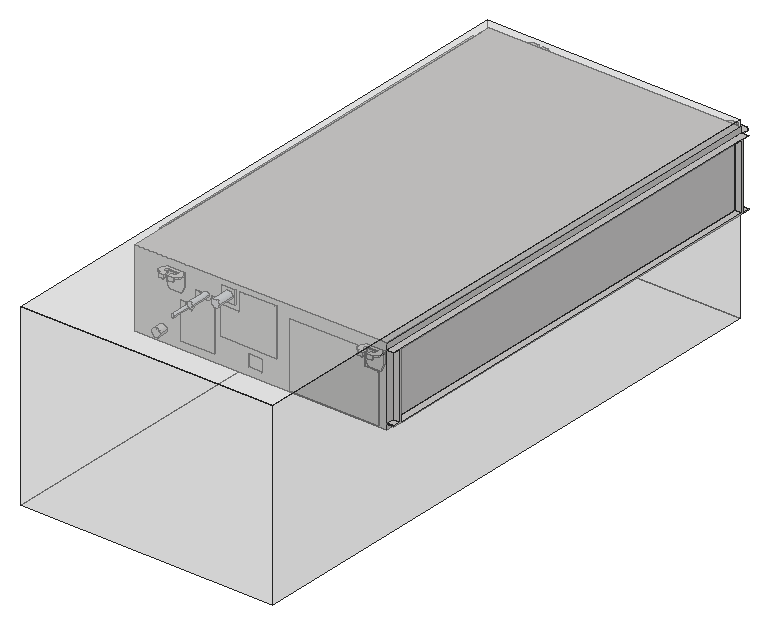
Revit family "outputfile", category 機械設備, Revit 2024
Family settings
  丸型コネクタ寸法 = 半径を使用
  パーツ タイプ = 標準
  OmniClass 番号 = 23.75.10.24.21.27.27
  OmniClass タイトル = Split System Air Conditioning Units
  作業面ベース = いいえ
  常に垂直 = はい
  ロード時にボイドで切り取り = いいえ
  注釈の向きを維持 = いいえ
  共有 = いいえ
  部屋計算ポイント = はい
Parameters (values of type "FXSQ125PAVE")
  Description = ""
  製造元 = "Daikin"
  書き出し IFC クラス(タイプ) = "IfcUnitaryEquipmentType"
  定義済み IFC タイプ(タイプ) = "AIRCONDITIONINGUNIT"
  Cost = 0
  モデル = "FXSQ125PAVE"
  Type Comments = ""
  Keynote = ""
  Type Image = (empty or 0)
  Assembly Code = ""
  r_Liquid Pipe Size = Liquid Pipe Size / 2  # 4.75 mm
  r_Gas Pipe Size = Gas Pipe Size / 2  # 7.95 mm
  r_Drain Pipe Size = Drain Pipe Size / 2  # 12.5 mm
  lw_power = 770.0 mm  # constant formula
  lh_SA = 138.0 mm  # constant formula
  lw_SA = if(Depth = 550.0 mm, 225.0 mm, if(Depth = 700.0 mm, 300.0 mm, if(Depth = 1000.0 mm, 450.0 mm, if(Depth = 1400.0 mm, 650.0 mm, 725.0 mm))))  # 650.0 mm
  lw_RA = if(Depth = 550.0 mm, 275.0 mm, if(Depth = 700.0 mm, 349.0 mm, if(Depth = 1000.0 mm, 499.0 mm, if(Depth = 1400.0 mm, 699.0 mm, 775.0 mm))))  # 699.0 mm
  lh_power = 60.0 mm + [h***]  # 60.0 mm
  lh_mountinghole1 = lh_mountinghole + [h***]  # 222.0 mm
  lh_RA = 123.0 mm  # constant formula
  ld_power = Depth / 2  # 700.0 mm
  Voltage_comment_60Hz = "220"
  Voltage_comment_50Hz = "220-240"
  Voltage_60Hz = 220 V
  Voltage_50Hz = 220 V
  URL = ""
  Supply Air Direction [instance] = yes
  Sound Power Level_H speed (dB) = 70
  Phase_60Hz = 1
  Phase_50Hz = 1
  Minimum External Static Pressure = 50.00 Pa
  Minimum Circuit Amps_60Hz = 2.8 A
  Minimum Circuit Amps_50Hz = 2.8 A
  Maximum Fuse Amps_60Hz = 16.0 A
  Maximum Fuse Amps_50Hz = 16.0 A
  Maximum External Static Pressure = 150.00 Pa
  Material_Casing = DAIKIN_GalvanizedSteel_Casing_indoorunit
  lw_mountinghole = 630.0 mm  # constant formula
  lh_gaspipe = 183.0 mm + [h***]  # 183.0 mm
  lh_mountinghole = 222.0 mm  # constant formula
  lh_liquidpipe = 136.0 mm + [h***]  # 136.0 mm
  lh_drainpipe = 207.0 mm + [h***]  # 207.0 mm
  lh_antena = Height - lh_mountinghole + 1.0 mm  # 24.0 mm
  ld_drainpipe = Depth / 2 + 53.0 mm  # 753.0 mm
  ld_liquidpipe = Depth / 2 + 69.0 mm  # 769.0 mm
  ld_gaspipe = Depth / 2 + 65.0 mm  # 765.0 mm
  ld_mountinghole = Depth + 38.0 mm  # 1438.0 mm
  h*** = 0.0 mm  # constant formula
  lw_liquidpipe = 179.0 mm  # constant formula
  lw_gaspipe = 229.0 mm  # constant formula
  lw_drainpipe = 300.0 mm  # constant formula
  Width = 800.0 mm
  Version = "ver.1.0"
  Unit Type = "Middle Static Pressure Duct Type"
  Unit Mass Weight = 47.00 kg
  Unit Designation [instance] = ""
  Uniclass2015Version = "Products v1.30"
  Uniclass2015Title = "Variable refrigerant flow units"
  Uniclass2015Code = "Pr_70_65_03_94"
  Total Heating Capacity [instance] = 0.000 kW
  Total Cooling Capacity [instance] = 0.000 kW
  Sound Pressure Level_M speed (dBA) = 0
  Sound Pressure Level_L speed (dBA) = 35
  Sound Pressure Level_H speed (dBA) = 42
  Series = "VRV Fan Coil Unit"
  Sensible Cooling Capacity [instance] = 0.000 kW
  SA Duct Size Width = if(Depth = 550.0 mm, 337.0 mm, if(Depth = 700.0 mm, 492.0 mm, if(Depth = 1000.0 mm, 792.0 mm, if(Depth = 1400.0 mm, 1192.0 mm, 1337.0 mm))))  # 1192.0 mm
  SA Duct Size Height = 176.0 mm
  Refrigerant Type = "R410A"
  RA Duct Size Width = if(Depth = 550.0 mm, 502.0 mm, if(Depth = 700.0 mm, 654.0 mm, if(Depth = 1000.0 mm, 952.0 mm, if(Depth = 1400.0 mm, 1352.0 mm, 1502.0 mm))))  # 1352.0 mm
  RA Duct Size Height = 208.0 mm
  Power Input (Heating) = 0.355 kW
  Power Input (Cooling) = 0.360 kW
  Option Accessory 3 [instance] = ""
  Option Accessory 2 [instance] = ""
  Option Accessory 1 [instance] = ""
  Nominal Heating Capacity = 16.000 kW
  Nominal Cooling Capacity = 14.000 kW
  Minimum Airflow = 1560.00 m³/h
  Median Airflow = 1890.00 m³/h
  Maximum Airflow = 2220.00 m³/h
  Load Classification = HVAC
  Liquid Pipe Size = 9.5 mm
  Link_Nested Family [instance] = ""
  IfcVersion = "0"
  IfcExportType = "AIRCONDITIONINGUNIT"
  IfcExportAs = "IfcUnitaryEquipmentType"
  Height = 245.0 mm
  Heating Entering Wet Bulb Temperature [instance] = 0.00 °C
  Heating Entering Dry Bulb Temperature [instance] = 0.00 °C
  Heating Ambient Wet Bulb Temperature [instance] = 0.00 °C
  Heating Ambient Dry Bulb Temperature [instance] = 0.00 °C
  Heat Exchanger Type = "Cross Fin Coil"
  Gas Pipe Size = 15.9 mm
  Frequency_60Hz = 60 Hz
  Frequency_50Hz = 50 Hz
  Fan Type = "Sirocco Fan"
  Fan Drive = "Direct Drive"
  FCU Tag No. [instance] = ""
  Drain Pipe Size = 25.0 mm
  Design Supply Airflow [instance] = 0.00 m³/h
  Design Return Airflow [instance] = 0.00 m³/h
  Design External Static Pressure [instance] = 0.00 Pa
  Depth = 1400.0 mm
  既定の高さ = 0.0 mm
  Cooling Entering Wet Bulb Temperature [instance] = 0.00 °C
  Cooling Entering Dry Bulb Temperature [instance] = 0.00 °C
  Cooling Ambient Wet Bulb Temperature [instance] = 0.00 °C
  Cooling Ambient Dry Bulb Temperature [instance] = 0.00 °C
  Clearance visibility [instance] = yes
  Clearance Top = 20.0 mm
  Clearance Right = 0.0 mm
  Clearance Rear = 0.0 mm
  Clearance Left = 0.0 mm
  Clearance Front = 450.0 mm
  Clearance Bottom = 300.0 mm
Reference planes
  plane 1 "Center (Front/Back)": y = 0
  plane 2 "h": z = 0
  plane 3 "Center (Left/Right)": x = 0
  plane 4 "Back": y = 700
  plane 5 "Front": y = -700
  plane 6 "Left": x = -400
  plane 7 "Reight": x = 400
  plane 8 "Top": z = 0
  plane 9 "Bottom": z = -245
  plane 10: y = -215
  plane 11: y = 700
  plane 12: y = -1150
  plane 13: x = -400
  plane 14: x = 400
  plane 15: z = 20
  plane 16: z = -545
  plane 17: x = -400
  plane 18: x = -399
  plane 19: x = 399
  plane 20: y = 50
  plane 21: y = -1
  plane 22: z = -122
  plane 23: y = -701
  plane 24: z = -109
  plane 25: x = -221
  plane 26: y = -765
  plane 27: z = -62
  plane 28: x = -171
  plane 29: y = -753
  plane 30: z = -38
  plane 31: x = -100
  plane 32: x = -100
  plane 33: x = -221
  plane 34: x = -171
  plane 35: x = 370
  plane 36: x = -266
  plane 37: x = 364
  plane 38: y = -719
  plane 39: y = 719
  plane 40: z = -23
  plane 41: z = -107
  plane 42: y = -770
  plane 43: z = -207
  plane 44: x = -309
  plane 45: y = -726
  plane 46: x = -251
  plane 47: x = -203
  plane 48: x = -144
  plane 49: z = -59
  plane 50: z = -106
  plane 51: z = -221
  plane 52: z = -109
  plane 53: x = -221
  plane 54: z = -62
  plane 55: x = -171
  plane 56: z = -17
  plane 57: z = -59
  plane 58: x = -121
  plane 59: x = -79
  plane 60: x = -125
  plane 61: x = -64
  plane 62: x = 53
  plane 63: z = -164
  plane 64: z = -73
  plane 65: z = -16
  plane 66: x = 93.5
  plane 67: x = 374.5
  plane 68: x = 330
  plane 69: z = -88.5
  plane 70: z = -38
  plane 71: z = -242.5
  plane 72: x = -38.5
  plane 73: x = 6.5
  plane 74: z = -181
  plane 75: z = -221
  plane 76: y = -699
  plane 77: x = -424
  plane 78: x = 424
Forms (mm)
  Extrusion 1, solid, material "DAIKIN_GalvanizedSteel_Casing_indoorunit" <- "Material_Casing"
    sketch origin (0, 0, 0) x (1, 0, 0) y (0, 1, 0)
      loop
        line (-399, 700) -> (-399, -700) -> (399, -700) -> (399, 700) -> (-399, 700)
    from -245 to 0
  Extrusion 2, solid, material "DAIKIN_GalvanizedSteel_Casing_indoorunit" <- "Material_Casing"
    sketch origin (0, 0, 0) x (1, 0, 0) y (0, 0, 1)
      loop
        line (-251, -221) -> (-144, -221) -> (-144, -59) -> (-154.47, -59)
        arc (-154.47, -59) -> (-171, -78.8) -> (-187.53, -59) r 16.8
        line (-187.53, -59) -> (-203, -59) -> (-203, -106) -> (-206.916, -106)
        arc (-206.916, -106) -> (-221, -123.4) -> (-235.084, -106) r 14.4
        line (-235.084, -106) -> (-251, -106) -> (-251, -221)
    from 700 to 701
  Extrusion 3, solid, material "DAIKIN_GalvanizedSteel_Casing_indoorunit" <- "Material_Casing"
    sketch origin (0, 0, 0) x (1, 0, 0) y (0, 0, 1)
      loop
        line (-121, -17) -> (-121, -59) -> (-79, -59) -> (-79, -17) -> (-121, -17)
      loop
        line (-125, -73) -> (-125, -164) -> (53, -164) -> (53, -16) -> (-64, -16) -> (-64, -73) -> (-125, -73)
    from 700 to 701
  Extrusion 4, solid, material "DAIKIN_GalvanizedSteel_Casing_indoorunit" <- "Material_Casing"
    sketch origin (0, 0, 0) x (1, 0, 0) y (0, 0, 1)
      loop
        line (93.5, -38) -> (93.5, -242.5) -> (374.5, -242.5) -> (374.5, -88.5) -> (330, -88.5) -> (330, -38) -> (93.5, -38)
    from 700 to 701
  Extrusion 5, solid
    sketch origin (0, 0, 0) x (1, 0, 0) y (0, 0, 1)
      loop
        circle (-221, -109) r 4.75
    from 700 to 770
  Extrusion 6, solid
    sketch origin (0, 0, 0) x (1, 0, 0) y (0, 0, 1)
      loop
        circle (-171, -62) r 7.95
    from 700 to 765
  Extrusion 7, solid
    sketch origin (0, 0, 0) x (1, 0, 0) y (0, 0, 1)
      loop
        circle (-100, -38) r 12.5
    from 701 to 753
  Extrusion 8, solid, material "DAIKIN_GalvanizedSteel_Casing_indoorunit" <- "Material_Casing"
    sketch origin (0, 0, 0) x (1, 0, 0) y (0, 0, 1)
      loop
        circle (-309, -207) r 13
    from 700 to 726
  Extrusion 9, void
    sketch origin (0, 0, 0) x (1, 0, 0) y (0, 0, 1)
      loop
        line (-38.5, -181) -> (-38.5, -221) -> (6.5, -221) -> (6.5, -181) -> (-38.5, -181)
    from 699 to 700
Cuts and joins
  Extrusion 9 cuts Extrusion 1
Dimensions and locks
  "Height": plane 8 "Top" to plane 9 "Bottom"
  equal spacing: plane 4 "Back", plane 1 "Center (Front/Back)", plane 5 "Front"
  "Depth": plane 4 "Back" to plane 5 "Front"
  equal spacing: plane 6 "Left", plane 3 "Center (Left/Right)", plane 7 "Reight"
  "Width": plane 6 "Left" to plane 7 "Reight"
  "Clearance Left": plane 13 to plane 6 "Left"
  "Clearance Right": plane 7 "Reight" to plane 14
  "Clearance Rear": plane 11 to plane 4 "Back"
  "Clearance Front": plane 5 "Front" to plane 12
  "Clearance Top": plane 15 to plane 8 "Top"
  "Clearance Bottom": plane 9 "Bottom" to plane 16
  locked: plane 17 to plane 18 at 1
  locked: plane 19 to plane 14 at 1
  "lw_SA": plane 11 to plane 20
  "lw_RA": plane 21 to plane 5 "Front"
  "lh_RA": plane 22 to plane 9 "Bottom"
  locked: plane 5 "Front" to plane 23 at 1
  "lw_liquidpipe": plane 25 to plane 6 "Left"
  "lh_liquidpipe": plane 24 to plane 9 "Bottom"
  "lh_gaspipe": plane 27 to plane 9 "Bottom"
  "lw_gaspipe": plane 28 to plane 6 "Left"
  "ld_gaspipe": plane 26 to plane 1 "Center (Front/Back)"
  "ld_drainpipe": plane 29 to plane 1 "Center (Front/Back)"
  "lh_drainpipe": plane 30 to plane 9 "Bottom"
  "lw_drainpipe": plane 31 to plane 6 "Left"
  "lw_drainpipe": plane 6 "Left" to plane 32
  "lw_liquidpipe": plane 6 "Left" to plane 33
  "lw_gaspipe": plane 6 "Left" to plane 34
  "lw_power": plane 6 "Left" to plane 35
  locked: plane 17 to plane 36 at 134
  "lw_mountinghole": plane 36 to plane 37
  equal spacing: plane 38, plane 1 "Center (Front/Back)", plane 39
  "ld_mountinghole": plane 39 to plane 38
  "lh_mountinghole": plane 40 to plane 9 "Bottom"
  "lh_SA": plane 41 to plane 9 "Bottom"
  "ld_liquidpipe": plane 21 to plane 42
  locked: plane 44 to plane 6 "Left" at 91
  locked: plane 43 to plane 9 "Bottom" at 38
  locked: plane 5 "Front" to plane 45 at 26
  plane 48 to plane 47 to plane 46 to plane 6 "Left" = 59.0 mm, 48.0 mm, 149.0 mm
  plane 8 "Top" to plane 49 to plane 50 to plane 51 = 59.0 mm locked, 47.0 mm locked, 115.0 mm locked
  plane 55 to plane 53 to plane 6 "Left" = 50.0 mm locked, 179.0 mm locked
  plane 54 to plane 52 to plane 9 "Bottom" = 47.0 mm locked, 136.0 mm locked
  plane 59 to plane 58 to plane 6 "Left" = 42.0 mm locked, 279.0 mm locked
  plane 8 "Top" to plane 56 to plane 57 = 17.0 mm locked, 42.0 mm locked
  plane 62 to plane 61 to plane 60 to plane 6 "Left" = 117.0 mm, 61.0 mm, 275.0 mm
  plane 8 "Top" to plane 65 to plane 64 = 16.0 mm locked, 57.0 mm locked
  locked: plane 65 to plane 63 at 148
  plane 8 "Top" to plane 70 to plane 69 to plane 71 = 38.0 mm locked, 50.5 mm locked, 154.0 mm locked
  plane 67 to plane 68 to plane 66 to plane 6 "Left" = 44.5 mm locked, 236.5 mm locked, 493.5 mm locked
  plane 8 "Top" to plane 74 to plane 75 = 181.0 mm locked, 40.0 mm locked
  plane 73 to plane 72 to plane 6 "Left" = 45.0 mm, 361.5 mm
  locked: plane 76 to plane 5 "Front" at 1
  locked: plane 77 to plane 17 at 24
  locked: plane 14 to plane 78 at 24
  "r_Liquid Pipe Size": radius of Extrusion 5 sketch curve
  "r_Gas Pipe Size": radius of Extrusion 6 sketch curve
  "r_Drain Pipe Size": radius of Extrusion 7 sketch curve
  aligned and locked: level to plane 2 "h"
  aligned and locked: plane 8 "Top" to Extrusion 1
  aligned and locked: Extrusion 1 to plane 9 "Bottom"
  aligned and locked: nested 5 to plane 12
  aligned and locked: plane 13 to nested 5
  aligned and locked: plane 14 to nested 5
  aligned and locked: nested 5 to plane 13
  aligned and locked: plane 11 to nested 5
  aligned and locked: plane 15 to nested 5
  aligned and locked: plane 16 to nested 5
  aligned and locked: plane 5 "Front" to Extrusion 1 sketch curve
  aligned and locked: Extrusion 1 to plane 18
  aligned and locked: plane 19 to Extrusion 1
  aligned and locked: nested 7 to plane 18
  aligned and locked: nested 7 to plane 20
  aligned and locked: plane 19 to nested 8
  aligned and locked: plane 21 to nested 8
  aligned and locked: plane 22 to nested 8
  aligned and locked: Extrusion 2 to plane 23
  aligned and locked: plane 5 "Front" to Extrusion 2
  aligned and locked: Extrusion 3 to plane 23
  aligned and locked: plane 5 "Front" to Extrusion 3
  aligned and locked: plane 5 "Front" to Extrusion 4
  aligned and locked: Extrusion 5 sketch curve to plane 25
  aligned and locked: plane 24 to Extrusion 5 sketch curve
  aligned and locked: plane 5 "Front" to Extrusion 5
  aligned and locked: Extrusion 6 sketch curve to plane 28
  aligned and locked: plane 27 to Extrusion 6 sketch curve
  aligned and locked: plane 5 "Front" to Extrusion 6
  aligned and locked: Extrusion 7 sketch curve to plane 31
  aligned and locked: Extrusion 7 sketch curve to plane 30
  aligned and locked: Extrusion 7 to plane 29
  aligned and locked: plane 23 to Extrusion 7
  aligned and locked: nested 3 to plane 29
  aligned and locked: nested 3 to plane 32
  aligned and locked: nested 2 to plane 33
  aligned and locked: nested 1 to plane 34
  aligned and locked: Extrusion 6 to plane 26
  aligned and locked: nested 1 to plane 26
  aligned and locked: nested 6 to plane 5 "Front"
  aligned and locked: nested 6 to plane 35
  aligned and locked: plane 36 to nested 10
  aligned and locked: nested 10 to plane 5 "Front"
  aligned and locked: plane 37 to nested 9
  aligned and locked: nested 9 to plane 5 "Front"
  aligned and locked: nested 11 to plane 36
  aligned and locked: plane 4 "Back" to nested 11
  aligned and locked: nested 12 to plane 37
  aligned and locked: plane 4 "Back" to nested 12
  aligned and locked: plane 40 to nested 10
  aligned and locked: plane 40 to nested 11
  aligned and locked: plane 40 to nested 9
  aligned and locked: plane 40 to nested 12
  aligned and locked: plane 36 to nested 14
  aligned and locked: nested 14 to plane 39
  aligned and locked: plane 37 to nested 13
  aligned and locked: nested 13 to plane 39
  aligned and locked: plane 37 to nested 16
  aligned and locked: plane 38 to nested 16
  aligned and locked: plane 38 to nested 15
  aligned and locked: plane 36 to nested 15
  aligned and locked: plane 17 to plane 6 "Left"
  aligned and locked: plane 41 to nested 7
  aligned and locked: Extrusion 5 to plane 42
  aligned and locked: nested 2 to plane 42
  aligned and locked: Extrusion 8 sketch curve to plane 44
  aligned and locked: plane 43 to Extrusion 8 sketch curve
  aligned and locked: plane 5 "Front" to Extrusion 8
  aligned and locked: plane 45 to Extrusion 8
  aligned and locked: Extrusion 3 sketch curve to plane 56
  aligned and locked: Extrusion 3 sketch curve to plane 58
  aligned and locked: plane 57 to Extrusion 3 sketch curve
  aligned and locked: plane 59 to Extrusion 3 sketch curve
  aligned and locked: Extrusion 4 to plane 23
  aligned and locked: Extrusion 9 sketch curve to plane 74
  aligned and locked: plane 75 to Extrusion 9 sketch curve
  aligned and locked: plane 73 to Extrusion 9 sketch curve
  aligned and locked: plane 5 "Front" to Extrusion 9
  aligned and locked: plane 76 to Extrusion 9
  aligned and locked: nested 17 to plane 20
  aligned and locked: nested 17 to plane 77
  aligned and locked: plane 21 to nested 18
  aligned and locked: plane 78 to nested 18
  aligned and locked: plane 41 to nested 17
  aligned and locked: nested 18 to plane 22
  aligned and locked: nested 4 to plane 3 "Center (Left/Right)"
  aligned and locked: plane 1 "Center (Front/Back)" to nested 4
  aligned and locked: level to plane 8 "Top"
Automatic sketch dimensions
  plane 6 "Left" to Extrusion 1 sketch curve = 1.0 mm
  Extrusion 1 sketch curve to plane 7 "Reight" = 1.0 mm
  Extrusion 1 sketch curve to plane 4 "Back" = 0.0 mm
  Extrusion 2 sketch curve to plane 46 = 0.0 mm
  Extrusion 2 sketch curve to plane 33 = 0.0 mm
  Extrusion 2 sketch curve to plane 47 = 0.0 mm
  Extrusion 2 sketch curve to plane 34 = 0.0 mm
  Extrusion 2 sketch curve to plane 48 = 0.0 mm
  Extrusion 2 sketch curve to plane 51 = 0.0 mm
  Extrusion 2 sketch curve to plane 52 = 0.0 mm
  Extrusion 2 sketch curve to plane 50 = 0.0 mm  (x3)
  Extrusion 2 sketch curve to plane 54 = 0.0 mm
  Extrusion 2 sketch curve to plane 49 = 0.0 mm  (x3)
  plane 33 to Extrusion 2 sketch curve = 14.084 mm
  plane 34 to Extrusion 2 sketch curve = 16.53 mm
  Extrusion 3 sketch curve to plane 60 = 0.0 mm
  Extrusion 3 sketch curve to plane 61 = 0.0 mm
  Extrusion 3 sketch curve to plane 62 = 0.0 mm
  Extrusion 3 sketch curve to plane 63 = 0.0 mm
  Extrusion 3 sketch curve to plane 64 = 0.0 mm
  Extrusion 3 sketch curve to plane 65 = 0.0 mm
  Extrusion 4 sketch curve to plane 66 = 0.0 mm
  Extrusion 4 sketch curve to plane 68 = 0.0 mm
  Extrusion 4 sketch curve to plane 67 = 0.0 mm
  Extrusion 4 sketch curve to plane 71 = 0.0 mm
  Extrusion 4 sketch curve to plane 69 = 0.0 mm
  Extrusion 4 sketch curve to plane 70 = 0.0 mm
  Extrusion 9 sketch curve to plane 72 = 0.0 mm
  radius of Extrusion 8 sketch curve = 13.0 mm
Nested families
  nested 1: "daikin_connector_rotate2" at (-171, 0, -62), length <- "ld_gaspipe", built-in parameter 1001364 <- "lh_gaspipe", radius <- "r_Gas Pipe Size", type "daikin_connector_rotate2"
    with radius 7.95 mm, length 765.0 mm, angle_vertical 90.00°
  nested 2: "daikin_connector_rotate2" at (-221, -1, -109), length <- "ld_liquidpipe", built-in parameter 1001364 <- "lh_liquidpipe", radius <- "r_Liquid Pipe Size", type "daikin_connector_rotate2"
    with radius 4.75 mm, length 769.0 mm, angle_vertical 90.00°
  nested 3: "daikin_connector_rotate2" at (-100, 0, -38), length <- "ld_drainpipe", built-in parameter 1001364 <- "lh_drainpipe", radius <- "r_Drain Pipe Size", type "daikin_connector_rotate2"
    with radius 12.5 mm, length 753.0 mm, angle_vertical 90.00°
  nested 4: "daikin_△_symbolicline" at (0, 0, 245) x (0, -1, 0) z (0, 0, 1), built-in parameter 1001364 <- "Height", visible <- "Supply Air Direction", type "daikin_△_symbolicline"
    with length 200.0 mm
  nested 5: "daikin_clearancespace" at (0, -225, -262.381), visible <- "Clearance visibility", show <- "Clearance visibility", Link_Nested Family <- "Link_Nested Family", type "daikin_clearancespace"
    with width 800.0 mm, show yes, height 565.0 mm, depth 1850.0 mm, Link_Nested Family ""
  nested 6: "daikin_connector_rotate2" at (370, 0, -185), built-in parameter 1001364 <- "lh_power", length <- "ld_power", type "daikin_connector_rotate2"
    with radius 10.0 mm, length 700.0 mm, angle_vertical 90.00°
  nested 7: "daikin_ductflange_FXSQ-PAVE2" at (-399, 50, -107) x (0, -1, 0) z (0, 0, 1), type "daikin_ductflange_FXSQ-PAVE2"
    with width 1192.0 mm, w 1400.0 mm
  nested 8: "daikin_ductflange_FXSQ-PAVE" at (399, -1, -122) x (0, 1, 0) z (0, 0, 1), type "daikin_ductflange_FXSQ-PAVE"
    with width 1352.0 mm, w 1400.0 mm
  nested 9: "daikin_hangerfixture_FXSQ-PAVE" at (364, -700, -23), type "daikin_hangerfixture_FXSQ-PAVE"
  nested 10: "daikin_hangerfixture_FXSQ-PAVE" at (-266, -700, -23), type "daikin_hangerfixture_FXSQ-PAVE"
  nested 11: "daikin_hangerfixture_FXSQ-PAVE" at (-266, 700, -23) x (-1, 0, 0) z (0, 0, 1), type "daikin_hangerfixture_FXSQ-PAVE"
  nested 12: "daikin_hangerfixture_FXSQ-PAVE" at (364, 700, -23) x (-1, 0, 0) z (0, 0, 1), type "daikin_hangerfixture_FXSQ-PAVE"
  nested 13: "daikin_mountinghole" at (364, 719, -245), h_mountinghole <- "lh_mountinghole1", l_antenna <- "lh_antena", Link_Nested Family <- "Link_Nested Family", type "daikin_mountinghole"
    with show yes, l_antenna 24.0 mm, h_mountinghole 222.0 mm, Link_Nested Family ""
  nested 14: "daikin_mountinghole" at (-266, 719, -245), h_mountinghole <- "lh_mountinghole1", l_antenna <- "lh_antena", Link_Nested Family <- "Link_Nested Family", type "daikin_mountinghole"
    with show yes, l_antenna 24.0 mm, h_mountinghole 222.0 mm, Link_Nested Family ""
  nested 15: "daikin_mountinghole" at (-266, -719, -245), h_mountinghole <- "lh_mountinghole1", l_antenna <- "lh_antena", Link_Nested Family <- "Link_Nested Family", type "daikin_mountinghole"
    with show yes, l_antenna 24.0 mm, h_mountinghole 222.0 mm, Link_Nested Family ""
  nested 16: "daikin_mountinghole" at (364, -719, -245), h_mountinghole <- "lh_mountinghole1", l_antenna <- "lh_antena", Link_Nested Family <- "Link_Nested Family", type "daikin_mountinghole"
    with show yes, l_antenna 24.0 mm, h_mountinghole 222.0 mm, Link_Nested Family ""
  nested 17: "daikin_connector_rotate2" at (-400, 50, -107) x (0, -1, 0) z (0, 0, 1), type "daikin_connector_rotate2"
    with radius 10.0 mm, length 24.0 mm, angle_vertical 90.00°
  nested 18: "daikin_connector_rotate2" at (400, -1, -122) x (0, 1, 0) z (0, 0, 1), type "daikin_connector_rotate2"
    with radius 10.0 mm, length 24.0 mm, angle_vertical 90.00°
Connectors
  piping at (-100, -753, -38), diameter 25, driven by "r_Drain Pipe Size"
    settings: on nested 3, index 3, connector inside diameter 609.6 mm, connector length 0.0 mm, flow factor 0, pipe flow 0.00 m³/h, pressure drop 0.0 Pa, fitting loss kfactor 0, connector angle 0.00°, fixture units 0, engagement length 0.0 mm, angle of deflection 0.00°, flow configuration 1, flow direction 2, fitting loss method 4, system type 16, joint type 0, gender type 0, connector reference index -1, connector utility 0, adjustable connector no, is connector primary yes, connector description "Condensate Drain Piping"
  piping at (-171, -765, -62), diameter 15.9, driven by "r_Gas Pipe Size"
    settings: on nested 1, index 4, connector inside diameter 609.6 mm, connector length 0.0 mm, flow factor 0, pipe flow 0.00 m³/h, pressure drop 0.0 Pa, fitting loss kfactor 0, connector angle 0.00°, fixture units 0, engagement length 0.0 mm, angle of deflection 0.00°, flow configuration 1, flow direction 2, fitting loss method 0, system type 29, joint type 0, gender type 0, connector reference index -1, connector utility 0, adjustable connector no, is connector primary no, connector description "Refrigerant Gas Piping"
  piping at (-221, -770, -109), diameter 9.5, driven by "r_Liquid Pipe Size"
    settings: on nested 2, index 5, connector inside diameter 609.6 mm, connector length 0.0 mm, flow factor 0, pipe flow 0.00 m³/h, pressure drop 0.0 Pa, fitting loss kfactor 0, connector angle 0.00°, fixture units 0, engagement length 0.0 mm, angle of deflection 0.00°, flow configuration 1, flow direction 1, fitting loss method 0, system type 29, joint type 0, gender type 0, connector reference index -1, connector utility 0, adjustable connector no, is connector primary no, connector description "Refrigerant Liquid Piping"
  electrical at (370, -700, -185), driven by "Load Classification"
    settings: on nested 6, index 6, voltage 0 V, apparent load 0 VA, apparent load phase1 0 VA, apparent load phase2 0 VA, apparent load phase3 0 VA, power factor 1, load classification "HVAC", number of poles 1, system type 30, power factor state 1, is connector primary yes, connector utility no, sub classification motor no, connector description "Power Supply"
  hvac at (-424, 50, -107), driven by "SA Duct Size Height", driven by "SA Duct Size Width"
    settings: on nested 17, index 7, duct flow 0.00 m³/h, flow factor 0, pres drop 0.00 Pa, loss coef 0, conn angle 0.00°, conn width 1192.0 mm, conn height 176.0 mm, conn diameter 609.6 mm, duct sys type 1, conn prof type 1, flow config 0, flow direction 2, loss method 4, conn ref index -1, conn util no, is conn primary yes, conn desc "SA Duct"
  hvac at (424, -1, -122), driven by "RA Duct Size Height", driven by "RA Duct Size Width"
    settings: on nested 18, index 8, duct flow 0.00 m³/h, flow factor 0, pres drop 0.00 Pa, loss coef 0, conn angle 0.00°, conn width 1352.0 mm, conn height 208.0 mm, conn diameter 609.6 mm, duct sys type 2, conn prof type 1, flow config 0, flow direction 1, loss method 4, conn ref index -1, conn util no, is conn primary no, conn desc "RA Duct"
Definition of nested family "daikin_clearancespace"
  Parameters (values of type "daikin_clearancespace")
    width [instance] = 1823.963 mm
    show [instance] = yes
    material = none
    height [instance] = 1359.762 mm
    depth [instance] = 880.0 mm
    Default Elevation = 0.0 mm
    Link_Nested Family [instance] = ""
  Reference planes
    plane 1 "Center (Front/Back)": y = 0
    plane 2 "Center (Elevation)": z = -0.119
    plane 3 "Center (Left/Right)": x = 0
    plane 4: y = 440
    plane 5: y = -440
    plane 6 "Right": x = 911.982
    plane 7 "Left": x = -911.982
    plane 8 "Top": z = 679.762
    plane 9 "Bottom": z = -680
  Forms (mm)
    Extrusion 1, solid, material <- "material", visible <- "show"
      sketch origin (0, 0, 0) x (1, 0, 0) y (0, 1, 0)
        loop
          line (-911.982, 440) -> (-911.982, -440) -> (911.982, -440) -> (911.982, 440) -> (-911.982, 440)
      from -680 to 679.762
  Lines and regions (mm)
    symbolic lines, visible <- "show"
      curve 1: line (911.982, 440, 0) -> (-911.982, 440, 0)
      curve 2: line (-911.982, 440, 0) -> (-911.982, -440, 0)
      curve 3: line (-911.982, -440, 0) -> (911.982, -440, 0)
      curve 4: line (911.982, -440, 0) -> (911.982, 440, 0)
      curve 5: line (911.982, 0, 679.762) -> (-911.982, 0, 679.762)
      curve 6: line (911.982, 0, -680) -> (911.982, 0, 679.762)
      curve 7: line (-911.982, 0, -680) -> (911.982, 0, -680)
      curve 8: line (-911.982, 0, 679.762) -> (-911.982, 0, -680)
      curve 9: line (0, 440, 679.762) -> (0, -440, 679.762)
      curve 10: line (0, -440, 679.762) -> (0, -440, -680)
      curve 11: line (0, 440, -680) -> (0, 440, 679.762)
      curve 12: line (0, -440, -680) -> (0, 440, -680)
  Dimensions and locks
    "width": plane 7 "Left" to plane 6 "Right"
    "depth": plane 4 to plane 5
    "height": plane 8 "Top" to plane 9 "Bottom"
    equal spacing: plane 7 "Left", plane 3 "Center (Left/Right)", plane 6 "Right"
    equal spacing: plane 4, plane 1 "Center (Front/Back)", plane 5
    equal spacing: plane 8 "Top", plane 2 "Center (Elevation)", plane 9 "Bottom"
    aligned and locked: level to plane 2 "Center (Elevation)"
    aligned and locked: Extrusion 1 sketch curve to plane 4
    aligned and locked: plane 7 "Left" to Extrusion 1 sketch curve
    aligned and locked: Extrusion 1 sketch curve to plane 5
    aligned and locked: Extrusion 1 sketch curve to plane 6 "Right"
    aligned and locked: plane 8 "Top" to Extrusion 1
    aligned and locked: curve 1 to Extrusion 1
    aligned and locked: curve 2 to Extrusion 1
    aligned and locked: curve 3 to Extrusion 1
    aligned and locked: curve 4 to Extrusion 1
    aligned and locked: curve 5 to Extrusion 1
    aligned and locked: curve 6 to Extrusion 1
    aligned and locked: curve 7 to Extrusion 1
    aligned and locked: curve 8 to Extrusion 1
    aligned and locked: curve 9 to Extrusion 1
    aligned and locked: curve 10 to Extrusion 1
    aligned and locked: curve 11 to Extrusion 1
    aligned and locked: curve 12 to Extrusion 1
    aligned and locked: Extrusion 1 to plane 9 "Bottom"
Definition of nested family "daikin_ductflange_FXSQ-PAVE2"
  Parameters (values of type "daikin_ductflange_FXMQ-PAVE2")
    width = if(w = 550.0 mm, 337.0 mm, if(w = 700.0 mm, 492.0 mm, if(w = 1000.0 mm, 792.0 mm, if(w = 1400.0 mm, 1192.0 mm, 1337.0 mm))))  # 337.0 mm
    material = none
    height = 215.0 mm
    depth = 1.0 mm
    w = 550.0 mm
    Default Elevation = 0.0 mm
  Reference planes
    plane 1 "Center (Front/Back)": y = 0
    plane 2: z = 0
    plane 3 "Center (Left/Right)": x = 0
    plane 4: z = 88
    plane 5: z = -88
    plane 6: y = -25
    plane 7: z = 106
    plane 8: z = 89
    plane 9: y = -1
    plane 10: x = -192.5
    plane 11: x = 192.5
    plane 12: z = -106
    plane 13: z = -89
    plane 14: y = -1
    plane 15: x = 168.5
    plane 16: x = -168.5
    plane 17: x = 169.5
    plane 18: z = 87
    plane 19: z = -87
    plane 20: x = -169.5
    plane 21: z = 87
    plane 22: z = -87
    plane 23: y = -1
  Forms (mm)
    Extrusion 1, solid, material <- "material"
      sketch origin (0, 0, 0) x (0, 1, 0) y (0, 0, 1)
        loop
          line (-25, 88) -> (0, 88) -> (0, 106) -> (-1, 106) -> (-1, 89) -> (-25, 89) -> (-25, 88)
      from -192.5 to 192.5
    Extrusion 2, solid, material <- "material"
      sketch origin (0, 0, 0) x (0, 1, 0) y (0, 0, 1)
        loop
          line (-25, -88) -> (-25, -89) -> (-1, -89) -> (-1, -106) -> (0, -106) -> (0, -88) -> (-25, -88)
      from -192.5 to 192.5
    Extrusion 3, solid, material <- "material"
      sketch origin (0, 0, 0) x (1, 0, 0) y (0, 0, 1)
        loop
          line (168.5, 88) -> (168.5, -88) -> (192.5, -88) -> (192.5, -87) -> (169.5, -87) -> (169.5, 87) -> (192.5, 87) -> (192.5, 88) -> (168.5, 88)
      from 0 to 25
    Extrusion 4, solid, material <- "material"
      sketch origin (0, 0, 0) x (1, 0, 0) y (0, 0, 1)
        loop
          line (-192.5, 88) -> (-192.5, 87) -> (-169.5, 87) -> (-169.5, -87) -> (-192.5, -87) -> (-192.5, -88) -> (-168.5, -88) -> (-168.5, 88) -> (-192.5, 88)
      from 0 to 25
    Extrusion 5, solid, material <- "material"
      sketch origin (0, 0, 0) x (1, 0, 0) y (0, 0, 1)
        loop
          line (-192.5, 88) -> (-192.5, -88) -> (-168.5, -88) -> (-168.5, 88) -> (-192.5, 88)
        loop
          line (192.5, 88) -> (168.5, 88) -> (168.5, -88) -> (192.5, -88) -> (192.5, 88)
      from 0 to 1
  Cuts and joins
    joined: Extrusion 1, Extrusion 2, Extrusion 3, Extrusion 4, Extrusion 5
  Dimensions and locks
    plane 4 to level to plane 5 = 88.0 mm, 88.0 mm
    locked: plane 6 to plane 1 "Center (Front/Back)" at 25
    locked: plane 9 to plane 1 "Center (Front/Back)" at 1
    locked: plane 8 to plane 4 at 1
    locked: plane 16 to plane 10 at 24
    locked: plane 17 to plane 15 at 1
    locked: plane 4 to plane 18 at 1
    locked: plane 19 to plane 5 at 1
    "width": plane 15 to plane 16
    plane 4 to plane 5 = 176.0 mm
    locked: plane 16 to plane 20 at 1
    locked: plane 4 to plane 21 at 1
    locked: plane 22 to plane 5 at 1
    locked: plane 23 to plane 1 "Center (Front/Back)" at 1
    plane 4 to level to plane 5 = 88.0 mm locked, 88.0 mm locked
    locked: plane 5 to plane 13 at 1
    locked: plane 5 to plane 12 at 18
    locked: plane 7 to plane 4 at 18
    equal spacing: plane 15, plane 3 "Center (Left/Right)", plane 16
    locked: plane 11 to plane 15 at 24
    plane 11 to plane 10 = 385.0 mm
    aligned and locked: level to plane 2
    aligned and locked: Extrusion 1 to plane 10
    aligned and locked: plane 11 to Extrusion 1
    aligned and locked: plane 5 to Extrusion 2
    aligned and locked: Extrusion 2 to plane 1 "Center (Front/Back)"
    aligned and locked: plane 15 to Extrusion 3 sketch curve
    aligned and locked: Extrusion 3 sketch curve to Extrusion 2  (x2)
    aligned and locked: Extrusion 3 sketch curve to plane 11
    aligned and locked: plane 6 to Extrusion 3
    aligned and locked: Extrusion 2 to plane 10
    aligned and locked: plane 11 to Extrusion 2
    aligned and locked: Extrusion 4 sketch curve to Extrusion 1  (x2)
    aligned and locked: plane 5 to Extrusion 4 sketch curve
    aligned and locked: Extrusion 4 sketch curve to plane 16
    aligned and locked: Extrusion 4 sketch curve to plane 22
    aligned and locked: plane 20 to Extrusion 4 sketch curve
    aligned and locked: plane 21 to Extrusion 4 sketch curve
    aligned and locked: Extrusion 4 to plane 1 "Center (Front/Back)"
    aligned and locked: plane 6 to Extrusion 4
    aligned and locked: Extrusion 5 sketch curve to Extrusion 1  (x4)
    aligned and locked: Extrusion 5 sketch curve to Extrusion 4  (x2)
    aligned and locked: Extrusion 5 sketch curve to Extrusion 3  (x2)
    aligned and locked: Extrusion 5 to plane 1 "Center (Front/Back)"
    aligned and locked: plane 23 to Extrusion 5
  Automatic sketch dimensions
    Extrusion 1 sketch curve to plane 6 = 0.0 mm
    Extrusion 1 sketch curve to plane 7 = 0.0 mm
    Extrusion 1 sketch curve to plane 9 = 0.0 mm
    Extrusion 1 sketch curve to plane 1 "Center (Front/Back)" = 0.0 mm
    Extrusion 1 sketch curve to plane 4 = 0.0 mm
    Extrusion 1 sketch curve to plane 8 = 0.0 mm
    Extrusion 2 sketch curve to plane 6 = 0.0 mm
    plane 12 to Extrusion 2 sketch curve = 0.0 mm
    Extrusion 2 sketch curve to plane 14 = 0.0 mm
    Extrusion 2 sketch curve to plane 1 "Center (Front/Back)" = 0.0 mm
    plane 13 to Extrusion 2 sketch curve = 0.0 mm
    Extrusion 2 sketch curve to plane 5 = 0.0 mm
    Extrusion 3 sketch curve to plane 17 = 0.0 mm
    Extrusion 3 sketch curve to plane 19 = 0.0 mm
    Extrusion 3 sketch curve to plane 18 = 0.0 mm
    Extrusion 3 sketch curve to plane 4 = 0.0 mm
    Extrusion 4 sketch curve to plane 10 = 0.0 mm
Definition of nested family "daikin_ductflange_FXSQ-PAVE"
  Parameters (values of type "daikin_ductflange_FXMQ-PAVE")
    width = if(w = 550.0 mm, 502.0 mm, if(w = 700.0 mm, 654.0 mm, if(w = 1000.0 mm, 952.0 mm, if(w = 1400.0 mm, 1352.0 mm, 1502.0 mm))))  # 502.0 mm
    material = none
    height = 208.0 mm
    depth = 1.0 mm
    w = 550.0 mm
    Default Elevation = 0.0 mm
  Reference planes
    plane 1 "Center (Front/Back)": y = 0
    plane 2: z = 0
    plane 3 "Center (Left/Right)": x = 0
    plane 4: z = 104
    plane 5: z = -104
    plane 6: y = -25
    plane 7: z = 121
    plane 8: z = 105
    plane 9: y = -1
    plane 10: x = -275
    plane 11: x = 275
    plane 12: z = -122
    plane 13: z = -105
    plane 14: y = -1
    plane 15: x = 251
    plane 16: x = -251
    plane 17: x = 252
    plane 18: z = 103
    plane 19: z = -103
    plane 20: x = -252
    plane 21: z = 103
    plane 22: z = -103
    plane 23: y = -1
  Forms (mm)
    Extrusion 1, solid, material <- "material"
      sketch origin (0, 0, 0) x (0, 1, 0) y (0, 0, 1)
        loop
          line (-25, 104) -> (0, 104) -> (0, 121) -> (-1, 121) -> (-1, 105) -> (-25, 105) -> (-25, 104)
      from -275 to 275
    Extrusion 2, solid, material <- "material"
      sketch origin (0, 0, 0) x (0, 1, 0) y (0, 0, 1)
        loop
          line (-25, -104) -> (-25, -105) -> (-1, -105) -> (-1, -122) -> (0, -122) -> (0, -104) -> (-25, -104)
      from -275 to 275
    Extrusion 3, solid, material <- "material"
      sketch origin (0, 0, 0) x (1, 0, 0) y (0, 0, 1)
        loop
          line (251, 104) -> (251, -104) -> (275, -104) -> (275, -103) -> (252, -103) -> (252, 103) -> (275, 103) -> (275, 104) -> (251, 104)
      from 0 to 25
    Extrusion 4, solid, material <- "material"
      sketch origin (0, 0, 0) x (1, 0, 0) y (0, 0, 1)
        loop
          line (-275, 104) -> (-275, 103) -> (-252, 103) -> (-252, -103) -> (-275, -103) -> (-275, -104) -> (-251, -104) -> (-251, 104) -> (-275, 104)
      from 0 to 25
    Extrusion 5, solid, material <- "material"
      sketch origin (0, 0, 0) x (1, 0, 0) y (0, 0, 1)
        loop
          line (-275, 104) -> (-275, -104) -> (-251, -104) -> (-251, 104) -> (-275, 104)
        loop
          line (275, 104) -> (251, 104) -> (251, -104) -> (275, -104) -> (275, 104)
      from 0 to 1
  Cuts and joins
    joined: Extrusion 1, Extrusion 2, Extrusion 3, Extrusion 4, Extrusion 5
  Dimensions and locks
    plane 4 to level to plane 5 = 104.0 mm, 104.0 mm
    locked: plane 6 to plane 1 "Center (Front/Back)" at 25
    locked: plane 9 to plane 1 "Center (Front/Back)" at 1
    locked: plane 8 to plane 4 at 1
    locked: plane 11 to plane 15 at 24
    locked: plane 16 to plane 10 at 24
    locked: plane 17 to plane 15 at 1
    locked: plane 4 to plane 18 at 1
    locked: plane 19 to plane 5 at 1
    "width": plane 15 to plane 16
    equal spacing: plane 15, plane 3 "Center (Left/Right)", plane 16
    locked: plane 16 to plane 20 at 1
    locked: plane 4 to plane 21 at 1
    locked: plane 22 to plane 5 at 1
    locked: plane 23 to plane 1 "Center (Front/Back)" at 1
    locked: plane 7 to plane 4 at 17
    locked: plane 1 "Center (Front/Back)" to plane 14 at 1
    locked: plane 5 to plane 13 at 1
    "height": plane 4 to plane 5
    plane 11 to plane 10 = 550.0 mm
    locked: plane 12 to plane 13 at 17
    equal spacing: plane 4, level, plane 5
    aligned and locked: level to plane 2
    aligned and locked: Extrusion 1 to plane 10
    aligned and locked: plane 11 to Extrusion 1
    aligned and locked: plane 5 to Extrusion 2
    aligned and locked: Extrusion 2 to plane 1 "Center (Front/Back)"
    aligned and locked: plane 15 to Extrusion 3 sketch curve
    aligned and locked: Extrusion 3 sketch curve to Extrusion 2  (x2)
    aligned and locked: Extrusion 3 sketch curve to plane 11
    aligned and locked: plane 6 to Extrusion 3
    aligned and locked: Extrusion 2 to plane 10
    aligned and locked: plane 11 to Extrusion 2
    aligned and locked: Extrusion 4 sketch curve to Extrusion 1  (x2)
    aligned and locked: plane 5 to Extrusion 4 sketch curve
    aligned and locked: Extrusion 4 sketch curve to plane 16
    aligned and locked: Extrusion 4 sketch curve to plane 22
    aligned and locked: plane 20 to Extrusion 4 sketch curve
    aligned and locked: plane 21 to Extrusion 4 sketch curve
    aligned and locked: Extrusion 4 to plane 1 "Center (Front/Back)"
    aligned and locked: plane 6 to Extrusion 4
    aligned and locked: Extrusion 5 sketch curve to Extrusion 1  (x4)
    aligned and locked: Extrusion 5 sketch curve to Extrusion 4  (x2)
    aligned and locked: Extrusion 5 sketch curve to Extrusion 3  (x2)
    aligned and locked: Extrusion 5 to plane 1 "Center (Front/Back)"
    aligned and locked: plane 23 to Extrusion 5
  Automatic sketch dimensions
    Extrusion 1 sketch curve to plane 6 = 0.0 mm
    Extrusion 1 sketch curve to plane 7 = 0.0 mm
    Extrusion 1 sketch curve to plane 9 = 0.0 mm
    Extrusion 1 sketch curve to plane 1 "Center (Front/Back)" = 0.0 mm
    Extrusion 1 sketch curve to plane 4 = 0.0 mm
    Extrusion 1 sketch curve to plane 8 = 0.0 mm
    Extrusion 2 sketch curve to plane 6 = 0.0 mm
    plane 12 to Extrusion 2 sketch curve = 0.0 mm
    Extrusion 2 sketch curve to plane 14 = 0.0 mm
    Extrusion 2 sketch curve to plane 1 "Center (Front/Back)" = 0.0 mm
    plane 13 to Extrusion 2 sketch curve = 0.0 mm
    Extrusion 2 sketch curve to plane 5 = 0.0 mm
    Extrusion 3 sketch curve to plane 17 = 0.0 mm
    Extrusion 3 sketch curve to plane 19 = 0.0 mm
    Extrusion 3 sketch curve to plane 18 = 0.0 mm
    Extrusion 3 sketch curve to plane 4 = 0.0 mm
    Extrusion 4 sketch curve to plane 10 = 0.0 mm
Definition of nested family "daikin_hangerfixture_FXSQ-PAVE"
  Parameters (values of type "daikin_hangerfixture_FXMQ-PAVE")
    width = 72.0 mm
    material = none
    height = 60.0 mm
    depth = 41.0 mm
    Default Elevation = 0.0 mm
  Reference planes
    plane 1 "Center (Front/Back)": y = 0
    plane 2: z = 0
    plane 3 "Center (Left/Right)": x = 0
    plane 4: y = 417.146
    plane 5: y = -41
    plane 6: x = -36
    plane 7: x = 36
    plane 8: z = -2.3
    plane 9: z = -60
    plane 10: y = -2.3
    plane 11: z = -12
    plane 12: y = -38.7
  Forms (mm)
    Extrusion 1, solid, material <- "material"
      sketch origin (0, 0, 0) x (1, 0, 0) y (0, 1, 0)
        loop
          line (-28, 0) -> (-28, -5)
          arc (-28, -5) -> (-29.127, -8.162) -> (-32, -9.899) r 5
          arc (-32, -9.899) -> (-34.873, -11.636) -> (-36, -14.798) r 5
          line (-36, -14.798) -> (-36, -27.178)
          arc (-36, -27.178) -> (-35.429, -29.499) -> (-33.846, -31.289) r 5
          line (-33.846, -31.289) -> (-23, -38.798) -> (-23, -41.098) -> (-6.5, -41.098) -> (-6.5, -28.498)
          arc (-6.5, -28.498) -> (-7.379, -26.377) -> (-9.5, -25.498) r 3
          line (-9.5, -25.498) -> (-13.5, -25.498)
          arc (-13.5, -25.498) -> (-20, -18.998) -> (-13.5, -12.498) r 6.5
          line (-13.5, -12.498) -> (13.5, -12.498)
          arc (13.5, -12.498) -> (20, -18.998) -> (13.5, -25.498) r 6.5
          line (13.5, -25.498) -> (9.5, -25.498)
          arc (9.5, -25.498) -> (7.379, -26.377) -> (6.5, -28.498) r 3
          line (6.5, -28.498) -> (6.5, -41.098) -> (23, -41.098) -> (23, -38.798) -> (33.846, -31.289)
          arc (33.846, -31.289) -> (35.429, -29.499) -> (36, -27.178) r 5
          line (36, -27.178) -> (36, -14.596)
          arc (36, -14.596) -> (34.873, -11.434) -> (32, -9.697) r 5
          arc (32, -9.697) -> (29.127, -7.96) -> (28, -4.798) r 5
          line (28, -4.798) -> (28, 0) -> (-28, 0)
      from 0 to -2.3
    Extrusion 2, solid, material <- "material"
      sketch origin (0, 0, 0) x (1, 0, 0) y (0, 0, 1)
        loop
          line (28, -39.037) -> (28, 0) -> (-28, 0) -> (-28, -39.037)
          arc (-28, -39.037) -> (-27.91, -39.983) -> (-27.642, -40.894) r 5
          line (-27.642, -40.894) -> (-21.257, -56.857)
          arc (-21.257, -56.857) -> (-19.418, -59.14) -> (-16.615, -60) r 5
          line (-16.615, -60) -> (16.615, -60)
          arc (16.615, -60) -> (19.418, -59.14) -> (21.257, -56.857) r 5
          line (21.257, -56.857) -> (27.642, -40.894)
          arc (27.642, -40.894) -> (27.91, -39.983) -> (28, -39.037) r 5
      from 0 to 2.3
    Extrusion 3, solid, material <- "material"
      sketch origin (0, 0, 0) x (1, 0, 0) y (0, 0, 1)
        loop
          line (-23, 0) -> (-23, -9)
          arc (-23, -9) -> (-22.121, -11.121) -> (-20, -12) r 3
          line (-20, -12) -> (-9.5, -12)
          arc (-9.5, -12) -> (-7.379, -11.121) -> (-6.5, -9) r 3
          line (-6.5, -9) -> (-6.5, 0) -> (-23, 0)
        loop
          line (23, 0) -> (6.5, 0) -> (6.5, -9)
          arc (6.5, -9) -> (7.379, -11.121) -> (9.5, -12) r 3
          line (9.5, -12) -> (20, -12)
          arc (20, -12) -> (22.121, -11.121) -> (23, -9) r 3
          line (23, -9) -> (23, 0)
      from 38.8 to 41.098
  Cuts and joins
    joined: Extrusion 1, Extrusion 2, Extrusion 3
  Dimensions and locks
    plane 2 to plane 8 = 2.3 mm
    "height": plane 2 to plane 9
    locked: plane 10 to plane 1 "Center (Front/Back)" at 2.3
    locked: plane 2 to plane 11 at 12
    locked: plane 12 to plane 5 at 2.3
    aligned and locked: level to plane 2
    aligned and locked: Extrusion 1 to plane 8
    aligned and locked: plane 2 to Extrusion 1
    aligned and locked: plane 2 to Extrusion 2 sketch curve
    aligned and locked: Extrusion 2 to plane 10
    aligned and locked: Extrusion 2 to plane 1 "Center (Front/Back)"
    aligned and locked: Extrusion 3 sketch curve to cut or joined group of Extrusion 1, Extrusion 2, Extrusion 3  (x3)
    aligned and locked: cut or joined group of Extrusion 1, Extrusion 2, Extrusion 3 to Extrusion 3
  Automatic sketch dimensions
    Extrusion 2 sketch curve to plane 7 = 8.0 mm
    Extrusion 2 sketch curve to plane 8 = 36.737 mm
    plane 6 to Extrusion 2 sketch curve = 19.385 mm
    Extrusion 1 sketch curve to plane 6 = 0.0 mm
    plane 1 "Center (Front/Back)" to Extrusion 1 sketch curve = 0.0 mm
    Extrusion 1 sketch curve to plane 7 = 0.0 mm
    plane 6 to Extrusion 1 sketch curve = 2.154 mm
    plane 6 to Extrusion 1 sketch curve = 3.0 mm
    Extrusion 1 sketch curve to Extrusion 1 sketch curve = 5.0 mm  (x3)
    Extrusion 1 sketch curve to plane 12 = 0.098 mm  (x2)
    Extrusion 1 sketch curve to Extrusion 1 sketch curve = 4.0 mm  (x2)
    Extrusion 1 sketch curve to plane 5 = 0.098 mm  (x2)
    Extrusion 1 sketch curve to plane 3 "Center (Left/Right)" = 6.5 mm
    plane 3 "Center (Left/Right)" to Extrusion 1 sketch curve = 6.5 mm
    Extrusion 1 sketch curve to Extrusion 1 sketch curve = 3.0 mm
    Extrusion 1 sketch curve to plane 7 = 8.0 mm
    Extrusion 1 sketch curve to plane 7 = 5.0 mm
    Extrusion 1 sketch curve to plane 7 = 3.0 mm
    Extrusion 1 sketch curve to plane 7 = 2.154 mm
    plane 12 to Extrusion 1 sketch curve = 7.411 mm  (x2)
    plane 12 to Extrusion 1 sketch curve = 10.202 mm  (x2)
    Extrusion 1 sketch curve to Extrusion 1 sketch curve = 6.5 mm  (x2)
    Extrusion 1 sketch curve to Extrusion 1 sketch curve = 12.38 mm
    Extrusion 1 sketch curve to plane 10 = 12.296 mm
    Extrusion 1 sketch curve to plane 10 = 2.7 mm
    Extrusion 1 sketch curve to plane 10 = 2.498 mm
    plane 6 to Extrusion 1 sketch curve = 4.0 mm
    Extrusion 1 sketch curve to Extrusion 1 sketch curve = 0.0 mm  (x2)
    Extrusion 1 sketch curve to plane 7 = 4.0 mm
    Extrusion 1 sketch curve to Extrusion 1 sketch curve = 4.111 mm
    Extrusion 3 sketch curve to level = 0.0 mm  (x2)
    Extrusion 3 sketch curve to plane 11 = 0.0 mm  (x2)
    plane 11 to Extrusion 3 sketch curve = 3.0 mm  (x2)
    plane 3 "Center (Left/Right)" to Extrusion 3 sketch curve = 6.5 mm
    Extrusion 3 sketch curve to Extrusion 3 sketch curve = 3.0 mm  (x2)
    Extrusion 2 sketch curve to plane 9 = 0.0 mm
    Extrusion 2 sketch curve to Extrusion 2 sketch curve = 11.385 mm
    plane 6 to Extrusion 2 sketch curve = 8.0 mm
    plane 9 to Extrusion 2 sketch curve = 20.963 mm
    Extrusion 2 sketch curve to Extrusion 2 sketch curve = 5.0 mm  (x2)
    plane 9 to Extrusion 2 sketch curve = 3.143 mm  (x3)
    Extrusion 2 sketch curve to Extrusion 2 sketch curve = 4.642 mm  (x2)
    Extrusion 2 sketch curve to Extrusion 2 sketch curve = 0.0 mm  (x2)
    Extrusion 2 sketch curve to Extrusion 2 sketch curve = 0.358 mm
    Extrusion 2 sketch curve to Extrusion 2 sketch curve = 1.857 mm  (x2)
Definition of nested family "daikin_connector_rotate2"
  Parameters (values of type "daikin_connector_rotate2")
    Default Elevation = 1219.2 mm
    show_face = no
    radius [instance] = 10.0 mm
    length [instance] = 600.0 mm
    d_surface = 10.0 mm
    angle_vertical [instance] = 90.00°
  Reference planes
    plane 1 "Center (Front/Back)": y = 0
    plane 2: z = 0
    plane 3 "Center (Left/Right)": x = 0
  Forms (mm)
    Extrusion 1, solid, visible <- "show_face"
      sketch origin (0, -600, 0) x (1, 0, 0) y (0, 0, 1)
        loop
          circle (0, 0) r 10
      from 0 to -10
  Lines and regions (mm)
    reference lines
      curve 1: line (0, 0, 0) -> (0, -600, 0)
    symbolic lines
      curve 2: circle (0, 0, 0) r 5 normal (0, 0, 1)
    model lines, visible <- "show_face"
      curve 3: line (0, 0, 0) -> (0, -600, 0)
  Dimensions and locks
    "length": curve 1 to curve 1
    "length": curve 3 to curve 3
    "d_surface": Extrusion 1 to Extrusion 1
    "radius": radius of Extrusion 1 sketch curve
    "angle_vertical": angle curve 1 to plane 1 "Center (Front/Back)"
    "angle_vertical": angle curve 3 to plane 1 "Center (Front/Back)"
    aligned and locked: level to plane 2
    aligned and locked: plane 1 "Center (Front/Back)" to curve 1
    aligned and locked: plane 2 to curve 1
    aligned and locked: plane 1 "Center (Front/Back)" to curve 2
    aligned and locked: plane 3 "Center (Left/Right)" to curve 2
    aligned and locked: plane 1 "Center (Front/Back)" to curve 3
    aligned and locked: plane 2 to curve 3
    aligned and locked: Extrusion 1 to Extrusion 1
  Automatic sketch dimensions
    Extrusion 1 sketch curve to level = 0.0 mm
    Extrusion 1 sketch curve to plane 3 "Center (Left/Right)" = 0.0 mm
    radius of curve 2 = 5.0 mm
Definition of nested family "daikin_△_symbolicline"
  Parameters (values of type "daikin_△_symbolicline")
    length [instance] = 200.0 mm
    Default Elevation = 0.0 mm
  Reference planes
    plane 1 "Center (Front/Back)": y = 0
    plane 2: z = 0
    plane 3 "Center (Left/Right)": x = 0
  Lines and regions (mm)
    symbolic lines
      curve 1: line (0, -173.205, 0) -> (100, 0, 0)
      curve 2: line (100, 0, 0) -> (-100, 0, 0)
      curve 3: line (-100, 0, 0) -> (0, -173.205, 0)
  Dimensions and locks
    equal spacing: curve 3, plane 3 "Center (Left/Right)", curve 2
    "length": curve 3 to curve 2
    "length": curve 3 to curve 3
    "length": curve 1 to curve 1
    aligned and locked: level to plane 2
    aligned and locked: curve 2 to plane 1 "Center (Front/Back)"
    aligned and locked: plane 3 "Center (Left/Right)" to curve 3
Definition of nested family "daikin_mountinghole"
  Parameters (values of type "daikin_mountinghole")
    Default Elevation = 1219.2 mm
    Type Comments = "mountinghole"
    show [instance] = yes
    material = none
    l_centerline = 100.0 mm
    l_antenna [instance] = 100.0 mm
    h_mountinghole [instance] = 0.0 mm
    d_circle = 30.0 mm
    Link_Nested Family [instance] = ""
  Reference planes
    plane 1 "Center (Front/Back)": y = 0
    plane 2: z = 0
    plane 3 "Center (Left/Right)": x = 0
    plane 4: y = 50
    plane 5: x = -50
    plane 6: x = 50
    plane 7: y = -50
    plane 8 "h_mountinghole": z = 0
    plane 9: z = 100
  Lines and regions (mm)
    model lines, detail levels fine
      curve 1: circle (0, 0, 0) r 15 normal (0, 0, 1)
      curve 2: line (-50, 0, 0) -> (50, 0, 0)
      curve 3: line (0, 50, 0) -> (0, -50, 0)
    symbolic lines, detail levels fine
      curve 4: circle (0, 0, 0) r 15 normal (0, 0, 1)
      curve 5: line (-50, 0, 0) -> (50, 0, 0)
      curve 6: line (0, 50, 0) -> (0, -50, 0)
    model lines
      curve 7: line (0, 0, 100) -> (0, 0, 0)
  Dimensions and locks
    equal spacing: plane 4, plane 1 "Center (Front/Back)", plane 7
    "l_centerline": plane 4 to plane 7
    equal spacing: plane 5, plane 3 "Center (Left/Right)", plane 6
    "l_centerline": plane 5 to plane 6
    "l_antenna": plane 9 to plane 8 "h_mountinghole"
    "h_mountinghole": plane 8 "h_mountinghole" to plane 2
    "d_circle": diameter of curve 1
    "d_circle": diameter of curve 4
    aligned and locked: level to plane 2
    aligned and locked: plane 1 "Center (Front/Back)" to curve 1
    aligned and locked: plane 3 "Center (Left/Right)" to curve 1
    aligned and locked: plane 1 "Center (Front/Back)" to curve 2
    aligned and locked: curve 3 to plane 3 "Center (Left/Right)"
    aligned and locked: plane 6 to curve 2
    aligned and locked: plane 5 to curve 2
    aligned and locked: plane 4 to curve 3
    aligned and locked: plane 7 to curve 3
    aligned and locked: plane 1 "Center (Front/Back)" to curve 4
    aligned and locked: plane 3 "Center (Left/Right)" to curve 4
    aligned and locked: plane 6 to curve 5
    aligned and locked: plane 5 to curve 5
    aligned and locked: plane 1 "Center (Front/Back)" to curve 5
    aligned and locked: plane 4 to curve 6
    aligned and locked: plane 7 to curve 6
    aligned and locked: curve 6 to plane 3 "Center (Left/Right)"
    aligned and locked: curve 7 to plane 3 "Center (Left/Right)"
    aligned and locked: plane 9 to curve 7
    aligned and locked: plane 8 "h_mountinghole" to curve 7
